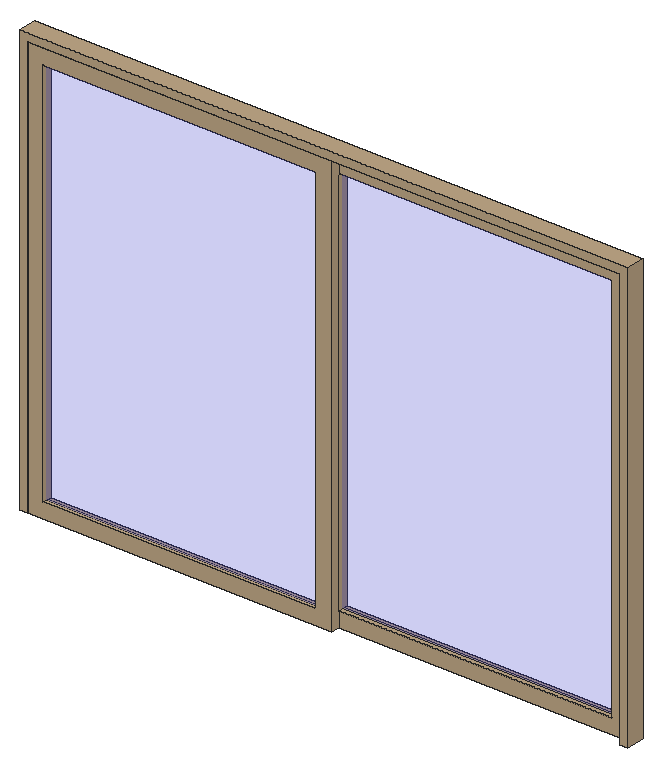
Revit family "Kal_A3-Aluminium-Sliding-Single", category Doors, host Wall, Revit 2016
Family settings
  Host = Wall
  Always vertical = Yes
  Cut with Voids When Loaded = No
  Shared = No
  Room Calculation Point = No
Parameters (values of type "3000h X 2100h")
  URL = "http://www.kal.co.za"
  Thickness = 0 mm
  Rough Width = 0 mm
  Rough Height = 0 mm
  Model Type = "Single Sliding"
  Model = "Arcadia Patio Doors"
  Material Glass = Glass
  Material Door Frame = Default Aluminium Door Frame
  Manufacturer Code = "3000 FS"
  Manufacturer = "Kal-Aluminium"
  Height = 2125 mm
  Wall Closure = By host
  Width = 3000 mm
  Function = Interior
  Frame Finish = "Anodised Aluminium"
  Construction Type = "Aluminium"
Types (6, lengths in mm): name | Manufacturer Code | Width
  (no name) | "3000 FS" | 3000
  1500w X 2100h | "1500 FS" | 1500
  1800w X 2100h | "1800 FS" | 1800
  2100w X 2100h | "2100 FS" | 2100
  2400h X 2100h | "2400 FS" | 2400
  3000h X 2100h | "3000 FS" | 3000
Reference planes
  plane 1 "Center Line": y = 0
  plane 2 "Center (Left/Right)": x = 75.5
  plane 3 "Left": x = -1424.5
  plane 4 "Right": x = 1575.5
  plane 5: z = 2125
  plane 6 "Exterior": y = 110
  plane 7 "Interior": y = -110
  plane 8: x = 1665.5
  plane 9: x = -1514.5
  plane 10: z = 75
  plane 11 "Exterior Panel": y = 46
  plane 12 "Interior Panel": y = -46
  plane 13: x = 38
  plane 14: x = 113
Forms (mm)
  Sweep 1, solid, material "Default ALUMINIUM FRAME", detail levels medium+fine
    path origin (0, 0, 0) x (1, 0, 0) y (0, 0, 1)
      loop
        line (1575.5, 2125) -> (-1424.5, 2125)
    profile "Frame Sliding door profile upvc : Frame Sliding door profile upvc" origin (75.5, 0, 2125) x (0, 0, -1) y (0, -1, 0)
      loop
        line (0, -46) -> (40, -46) -> (40, 46) -> (0, 46) -> (0, -46)
  Sweep 2, solid, material "Default ALUMINIUM FRAME", detail levels medium+fine
    path origin (0, 0, 0) x (1, 0, 0) y (0, 0, 1)
      loop
        line (1575.5, 0) -> (1575.5, 2125)
    profile "Frame Sliding door profile upvc : Frame Sliding door profile upvc" origin (1575.5, 0, 1062.5) x (-1, 0, 0) y (0, -1, 0)
      loop
        line (0, -46) -> (40, -46) -> (40, 46) -> (0, 46) -> (0, -46)
  Sweep 3, solid, material "Default ALUMINIUM FRAME", detail levels medium+fine
    path origin (0, 0, 0) x (1, 0, 0) y (0, 0, 1)
      loop
        line (-1424.5, 0) -> (-1424.5, 2125)
    profile "Frame Sliding door profile upvc : Frame Sliding door profile upvc" origin (-1424.5, 0, 1062.5) x (-1, 0, 0) y (0, -1, 0)
      loop
        line (0, -46) -> (0, 46) -> (-40, 46) -> (-40, -46) -> (0, -46)
  Extrusion 4, solid, material "Default ALUMINIUM FRAME"
    sketch origin (0, 46, 0) x (1, 0, 0) y (0, 0, 1)
      loop
        line (1535.5, 0) -> (1535.5, 2085) -> (38, 2085) -> (38, 0) -> (1535.5, 0)
      loop
        line (1460.5, 75) -> (1460.5, 2010) -> (113, 2010) -> (113, 75) -> (1460.5, 75)
    from 0 to 44
  Extrusion 5, solid, material "Default ALUMINIUM FRAME"
    sketch origin (0, -46, 0) x (1, 0, 0) y (0, 0, 1)
      loop
        line (113, 0) -> (113, 2085) -> (-1384.5, 2085) -> (-1384.5, 0) -> (113, 0)
      loop
        line (38, 75) -> (38, 2010) -> (-1309.5, 2010) -> (-1309.5, 75) -> (38, 75)
    from 0 to -44
  Extrusion 6, solid, material "Glass" <- "Material Glass"
    sketch origin (0, 46, 0) x (1, 0, 0) y (0, 0, 1)
      loop
        line (1460.5, 75) -> (1460.5, 2010) -> (113, 2010) -> (113, 75) -> (1460.5, 75)
    from 18 to 28
  Extrusion 7, solid, material "Glass" <- "Material Glass"
    sketch origin (0, -46, 0) x (1, 0, 0) y (0, 0, 1)
      loop
        line (38, 75) -> (38, 2010) -> (-1309.5, 2010) -> (-1309.5, 75) -> (38, 75)
    from -18 to -28
Cuts and joins
  joined: Sweep 1, Sweep 2, Sweep 3
Lines and regions (mm)
  Opening 1
    outline origin (-3050, -110, 0) x (1, 0, 0) y (0, 0, 1)
      loop
        line (1625.5, 0) -> (4625.5, 0) -> (4625.5, 2125) -> (1625.5, 2125) -> (1625.5, 0)
Text (mm)
  text "Exterior" at (-2295.016, 1099.543, 0), in view "Ref. Level"
  text "Exterior" at (0, 1615.38, 3698.081), in view "Left"
  text "Exterior" at (0, 1036.032, 3874.932), in view "Right"
Dimensions and locks
  equal spacing: plane 3 "Left", plane 2 "Center (Left/Right)", plane 4 "Right"
  "Width": plane 3 "Left" to plane 4 "Right"
  "Height": plane 5 to host wall
  host wall to plane 5 = 2125 mm
  locked: host wall to plane 6 "Exterior" at 0
  locked: plane 7 "Interior" to host wall
  locked: plane 4 "Right" to plane 8 at 90
  locked: plane 9 to plane 3 "Left" at 90
  locked: plane 1 "Center Line" to plane 11 "Exterior Panel" at 46
  locked: plane 12 "Interior Panel" to plane 1 "Center Line" at 46
  locked: plane 13 to plane 2 "Center (Left/Right)" at 37.5
  locked: plane 2 "Center (Left/Right)" to plane 14 at 37.5
  level to plane 10 = 75 mm
  aligned and locked: plane 3 "Left" to Opening 1 sketch curve
  aligned and locked: plane 5 to Opening 1 sketch curve  (x2)
  aligned and locked: Opening 1 sketch curve to plane 4 "Right"
  aligned and locked: Opening 1 sketch curve to level
  aligned and locked: plane 1 "Center Line" to host wall
  aligned and locked: plane 10 to Extrusion 4 sketch curve
  aligned and locked: plane 14 to Extrusion 4 sketch curve
  aligned and locked: plane 10 to Extrusion 5 sketch curve
  aligned and locked: Extrusion 7 sketch curve to Extrusion 5  (x3)
  aligned and locked: Extrusion 6 sketch curve to Extrusion 4  (x3)
  aligned and locked: Extrusion 4 sketch curve to cut or joined group of Sweep 1, Sweep 2, Sweep 3
  aligned and locked: cut or joined group of Sweep 1, Sweep 2, Sweep 3 to Extrusion 5 sketch curve
Automatic sketch dimensions
  Sweep 1 sketch curve to plane 5 = 0 mm
  plane 9 to Sweep 1 sketch curve = 90 mm
  Sweep 1 sketch curve to plane 8 = 90 mm
  Sweep 2 sketch curve to plane 4 "Right" = 0 mm
  Sweep 2 sketch curve to level = 0 mm
  Sweep 2 sketch curve to plane 5 = 0 mm
  Sweep 3 sketch curve to plane 3 "Left" = 0 mm
  Sweep 3 sketch curve to level = 0 mm
  Sweep 3 sketch curve to plane 5 = 0 mm
  Extrusion 4 sketch curve to level = 0 mm
  Extrusion 4 sketch curve to plane 13 = 0 mm
  Extrusion 5 sketch curve to level = 0 mm
  Extrusion 5 sketch curve to plane 13 = 0 mm
  Extrusion 5 sketch curve to plane 14 = 0 mm
  Extrusion 6 sketch curve to plane 14 = 0 mm
  Extrusion 7 sketch curve to plane 13 = 0 mm
  plane 5 to Extrusion 4 sketch curve = 115 mm
  plane 5 to Extrusion 5 sketch curve = 115 mm
  plane 4 "Right" to Extrusion 4 sketch curve = 115 mm
  plane 4 "Right" to Extrusion 4 sketch curve = 40 mm
  Extrusion 5 sketch curve to plane 3 "Left" = 115 mm
  Extrusion 5 sketch curve to plane 3 "Left" = 40 mm
Nested families
  nested 1: "arrow" at (-372, 0, 1160) x (1, 0, 0) z (0, 1, 0), type "arrow"
  nested 2: "arrow" at (-384.5, 160, 0), type "arrow"
Definition of nested family "arrow"
  Reference planes
    plane 1 "Center (Front/Back)": y = 0
    plane 2: z = 0
    plane 3 "Center (Left/Right)": x = 0
  Lines and regions (mm)
    detail lines, in view "Ref. Level"
      curve 1: line (-100, 0, 0) -> (100, 0, 0)
      curve 2: line (100, 0, 0) -> (57.574, -42.426, 0)
      curve 3: line (100, 0, 0) -> (57.574, 42.426, 0)
